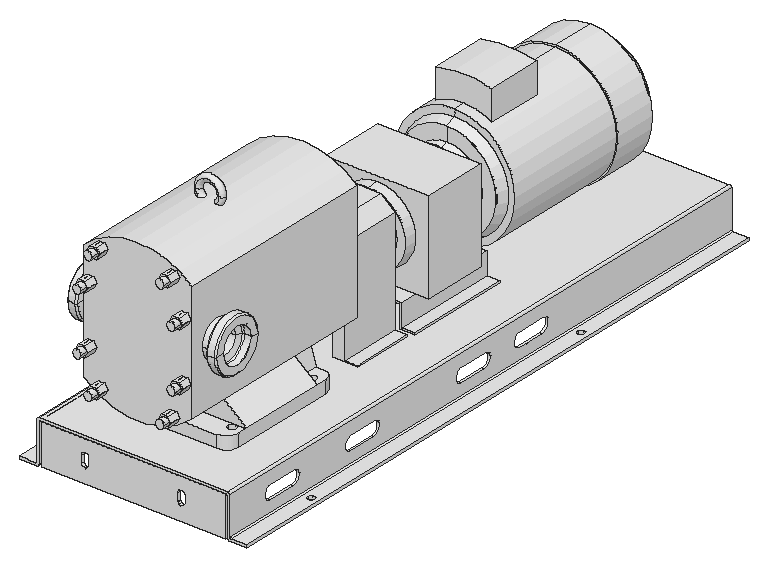
Revit family "MLP 80 - MR272 - Lobe Pump", category Specialty Equipment, Revit 2022
Family settings
  Round Connector Dimension = Use Diameter
  Part Type = Normal
  Work Plane-Based = No
  Always vertical = Yes
  Cut with Voids When Loaded = No
  Maintain Annotation Orientation = No
  Shared = No
  Room Calculation Point = No
Parameters (values of type "MLP 80 - MR272")
  URL = "https://en.ekinendustriyel.com/lobe-pumps/lobe-pumps"
  Pressure = 15.0 bar  # constant formula
  Motor Power = 15 kW  # constant formula
  Model = "MLP-80-TUL - MR272"
  Manufacturer = "Ekin Endüstriyel"
  Keynote = "Lobe Pump"
  Flow = 40.0 m³/h  # constant formula
  Description = "MIT MLP 80 - Lobe Pump"
  Default Elevation = 0 mm
Reference planes
  plane 1 "Center (Front/Back)": y = 0
  plane 2: z = 0
  plane 3 "Center (Left/Right)": x = -884.748
Forms (mm)
  Extrusion 1, solid, material "Ekin Endüstriyel_StainlesSteel"
    sketch origin (0, 0, 0) x (1, 0, 0) y (0, 0, 1)
      loop
        line (-996.247, 346.711) -> (-996.247, 101.086)
        arc (-996.247, 101.086) -> (-884.747, 58.329) -> (-773.247, 101.086) r 166.761
        line (-773.247, 101.086) -> (-773.247, 346.711)
        arc (-773.247, 346.711) -> (-884.747, 390.131) -> (-996.247, 346.711) r 164.871
    from 0 to -428.2
  Sweep 2, solid, material "Ekin Endüstriyel_StainlesSteel"
    path origin (0, 0, 0) x (1, 0, 0) y (0, 0, 1)
      loop
        circle (-884.748, 403.317) r 30.936
    profile origin (-884.748, 0, 372.381) x (0, 0, 1) y (0, -1, 0)
      loop
        circle (7, -188.264) r 7
  Extrusion 3, solid, material "Ekin Endüstriyel_StainlesSteel", detail levels coarse
    sketch origin (-884.748, 0, 0) x (0, 1, 0) y (0, 0, 1)
      loop
        circle (65.098, 223.898) r 55
    from 111.501 to 154.598
  Extrusion 4, solid, material "Ekin Endüstriyel_StainlesSteel", detail levels medium
    sketch origin (-884.748, 0, 0) x (0, 1, 0) y (0, 0, 1)
      loop
        circle (65.098, 223.898) r 55
      loop
        circle (65.098, 223.898) r 36
    from 111.501 to 154.598
  Revolve 5, solid, material "Ekin Endüstriyel_StainlesSteel", detail levels fine
    sketch origin (0, 0, 223.898) x (1, 0, 0) y (0, 1, 0)
      loop
        line (-730.15, 117.063) -> (-733.185, 120.098) -> (-747.257, 120.098) -> (-750.763, 117.156) -> (-752.708, 106.124)
        arc (-752.708, 106.124) -> (-753.905, 104.051) -> (-756.155, 103.232) r 3.5
        line (-756.155, 103.232) -> (-773.247, 103.232) -> (-773.247, 90.657) -> (-753.574, 90.657) -> (-750.765, 101.923) -> (-747.147, 104.012) -> (-733.289, 104.012) -> (-730.15, 101.814) -> (-730.15, 117.063)
      axis (-773.247, 65.098) -> (-730.15, 65.098)
    angle from 0 to 360
  Extrusion 6, solid, material "Ekin Endüstriyel_StainlesSteel"
    sketch origin (0, 0, 0) x (1, 0, 0) y (0, 1, 0)
      loop
        line (-976.497, 91.114) -> (-792.997, 91.114)
        arc (-792.997, 91.114) -> (-775.32, 98.437) -> (-767.997, 116.114) r 25
        line (-767.997, 116.114) -> (-767.997, 341.114)
        arc (-767.997, 341.114) -> (-775.32, 358.792) -> (-792.997, 366.114) r 25
        line (-792.997, 366.114) -> (-976.497, 366.114)
        arc (-976.497, 366.114) -> (-994.175, 358.792) -> (-1001.497, 341.114) r 25
        line (-1001.497, 341.114) -> (-1001.497, 116.114)
        arc (-1001.497, 116.114) -> (-994.175, 98.437) -> (-976.497, 91.114) r 25
    from 0 to 25.35
  Extrusion 7, solid, material "Ekin Endüstriyel_StainlesSteel"
    sketch origin (0, 0, 0) x (1, 0, 0) y (0, 0, 1)
      loop
        line (-1001.497, 25.35) -> (-767.997, 25.35) -> (-823.241, 70.086)
        arc (-823.241, 70.086) -> (-884.747, 58.329) -> (-946.253, 70.086) r 166.761
        line (-946.253, 70.086) -> (-1001.497, 25.35)
    from -319.675 to -135.888
  Extrusion 8, solid, material "Ekin Endüstriyel_StainlesSteel"
    sketch origin (0, 0, 0) x (1, 0, 0) y (0, 0, 1)
      loop
        line (-807.997, 25.35) -> (-820.094, 67.537) -> (-823.241, 70.086)
        arc (-823.241, 70.086) -> (-884.747, 58.329) -> (-946.253, 70.086) r 166.761
        line (-946.253, 70.086) -> (-949.4, 67.537) -> (-961.497, 25.35) -> (-807.997, 25.35)
    from -366.114 to -173.027
  Extrusion 9, void
    sketch origin (0, 0, 0) x (1, 0, 0) y (0, 1, 0)
      loop
        circle (-981.247, 124.701) r 9
      loop
        circle (-981.247, 332.528) r 9
      loop
        circle (-788.249, 124.701) r 9
      loop
        circle (-788.249, 332.528) r 9
    from 0 to 39.733
  Extrusion 10, solid, material "Ekin Endüstriyel_StainlesSteel", detail levels coarse
    sketch origin (-884.748, 0, 0) x (0, 1, 0) y (0, 0, -1)
      loop
        circle (65.098, -223.898) r 55
    from 111.501 to 154.598
  Extrusion 11, solid, material "Ekin Endüstriyel_StainlesSteel", detail levels medium
    sketch origin (-884.748, 0, 0) x (0, 1, 0) y (0, 0, -1)
      loop
        circle (65.098, -223.898) r 55
      loop
        circle (65.098, -223.898) r 36
    from 111.501 to 154.598
  Revolve 12, solid, material "Ekin Endüstriyel_StainlesSteel", detail levels fine
    sketch origin (-1769.496, 0, 223.898) x (-1, 0, 0) y (0, -1, 0)
      loop
        line (-730.15, -117.063) -> (-730.15, -101.814) -> (-733.289, -104.012) -> (-747.147, -104.012) -> (-750.765, -101.923) -> (-753.574, -90.657) -> (-773.247, -90.657) -> (-773.247, -103.232) -> (-756.155, -103.232)
        arc (-756.155, -103.232) -> (-753.905, -104.051) -> (-752.708, -106.124) r 3.5
        line (-752.708, -106.124) -> (-750.763, -117.156) -> (-747.257, -120.098) -> (-733.185, -120.098) -> (-730.15, -117.063)
      axis (-773.247, -65.098) -> (-730.15, -65.098)
    angle from 0 to 360
  Extrusion 13, solid, material "Ekin Endüstriyel_StainlesSteel", detail levels medium+fine
    sketch origin (0, 0, 0) x (1, 0, 0) y (0, 0, 1)
      loop
        line (-946.565, 354.5) -> (-952.906, 365.484) -> (-965.589, 365.484) -> (-971.931, 354.5) -> (-965.589, 343.517) -> (-952.906, 343.517) -> (-946.565, 354.5)
      loop
        line (-969.741, 283.984) -> (-976.083, 294.968) -> (-988.766, 294.968) -> (-995.107, 283.984) -> (-988.766, 273) -> (-976.083, 273) -> (-969.741, 283.984)
      loop
        circle (-959.257, 354.516) r 8.514
      loop
        circle (-982.434, 284) r 8.514
      loop
        line (-822.931, 354.5) -> (-816.59, 343.517) -> (-803.907, 343.517) -> (-797.565, 354.5) -> (-803.907, 365.484) -> (-816.59, 365.484) -> (-822.931, 354.5)
      loop
        line (-799.755, 283.984) -> (-793.413, 273) -> (-780.73, 273) -> (-774.389, 283.984) -> (-780.73, 294.968) -> (-793.413, 294.968) -> (-799.755, 283.984)
      loop
        circle (-810.238, 354.516) r 8.514
      loop
        circle (-787.062, 284) r 8.514
      loop
        line (-946.565, 93.296) -> (-952.906, 104.28) -> (-965.589, 104.28) -> (-971.931, 93.296) -> (-965.589, 82.313) -> (-952.906, 82.313) -> (-946.565, 93.296)
      loop
        line (-969.741, 163.813) -> (-976.083, 174.797) -> (-988.766, 174.797) -> (-995.107, 163.813) -> (-988.766, 152.829) -> (-976.083, 152.829) -> (-969.741, 163.813)
      loop
        circle (-959.257, 93.281) r 8.514
      loop
        circle (-982.434, 163.797) r 8.514
      loop
        line (-822.931, 93.296) -> (-816.59, 82.313) -> (-803.907, 82.313) -> (-797.565, 93.296) -> (-803.907, 104.28) -> (-816.59, 104.28) -> (-822.931, 93.296)
      loop
        line (-799.755, 163.813) -> (-793.413, 152.829) -> (-780.73, 152.829) -> (-774.389, 163.813) -> (-780.73, 174.797) -> (-793.413, 174.797) -> (-799.755, 163.813)
      loop
        circle (-810.238, 93.281) r 8.514
      loop
        circle (-787.062, 163.797) r 8.514
    from 0 to 21.863
  Extrusion 14, solid, material "Ekin Endüstriyel_StainlesSteel"
    sketch origin (0, 0, 0) x (1, 0, 0) y (0, 0, 1)
      loop
        circle (-959.257, 354.516) r 8.514
      loop
        circle (-982.434, 284) r 8.514
      loop
        circle (-810.238, 354.516) r 8.514
      loop
        circle (-787.062, 284) r 8.514
      loop
        circle (-959.257, 93.281) r 8.514
      loop
        circle (-982.434, 163.797) r 8.514
      loop
        circle (-810.238, 93.281) r 8.514
      loop
        circle (-787.062, 163.797) r 8.514
    from 0 to 34.94
  Extrusion 15, solid, material "Ekin Endüstriyel_StainlesSteel"
    sketch origin (0, 428.2, 0) x (-1, 0, 0) y (0, 0, 1)
      loop
        circle (884.93, 164.108) r 21
    from 0 to 75.746
  Extrusion 16, solid, material "Ekin Endüstriyel_StainlesSteel", detail levels medium+fine
    sketch origin (-884.754, 277.832, 0) x (-1, 0, 0) y (0, 0, 1)
      loop
        line (234.987, -85) -> (201.994, -85)
        arc (201.994, -85) -> (200.58, -84.414) -> (199.994, -83) r 2
        line (199.994, -83) -> (199.994, -5)
        arc (199.994, -5) -> (198.53, -1.464) -> (194.994, 0) r 5
        line (194.994, 0) -> (-195.006, 0)
        arc (-195.006, 0) -> (-198.541, -1.464) -> (-200.006, -5) r 5
        line (-200.006, -5) -> (-200.006, -83)
        arc (-200.006, -83) -> (-200.592, -84.414) -> (-202.006, -85) r 2
        line (-202.006, -85) -> (-235.013, -85) -> (-235.013, -90) -> (-200.006, -90)
        arc (-200.006, -90) -> (-196.47, -88.536) -> (-195.006, -85) r 5
        line (-195.006, -85) -> (-195.006, -7)
        arc (-195.006, -7) -> (-194.42, -5.586) -> (-193.006, -5) r 2
        line (-193.006, -5) -> (192.994, -5)
        arc (192.994, -5) -> (194.408, -5.586) -> (194.994, -7) r 2
        line (194.994, -7) -> (194.994, -85)
        arc (194.994, -85) -> (196.459, -88.536) -> (199.994, -90) r 5
        line (199.994, -90) -> (234.987, -90) -> (234.987, -85)
    from -288.318 to 1011.802
  Extrusion 17, void
    sketch origin (-684.748, 277.832, -5) x (0, 0, -1) y (0, 1, 0)
      loop
        line (25.062, -123.198) -> (25.062, -183.198)
        arc (25.062, -183.198) -> (40.062, -198.198) -> (55.062, -183.198) r 15
        line (55.062, -183.198) -> (55.062, -123.198)
        arc (55.062, -123.198) -> (40.062, -108.198) -> (25.062, -123.198) r 15
      loop
        arc (25, 24.802) -> (40, 9.802) -> (55, 24.802) r 15
        line (55, 24.802) -> (55, 84.802)
        arc (55, 84.802) -> (40, 99.802) -> (25, 84.802) r 15
        line (25, 84.802) -> (25, 24.802)
      loop
        line (24.91, 371.921) -> (24.91, 311.921)
        arc (24.91, 311.921) -> (39.91, 296.921) -> (54.91, 311.921) r 15
        line (54.91, 311.921) -> (54.91, 371.921)
        arc (54.91, 371.921) -> (39.91, 386.921) -> (24.91, 371.921) r 15
      loop
        arc (24.91, 461.921) -> (39.91, 446.921) -> (54.91, 461.921) r 15
        line (54.91, 461.921) -> (54.91, 521.921)
        arc (54.91, 521.921) -> (39.91, 536.921) -> (24.91, 521.921) r 15
        line (24.91, 521.921) -> (24.91, 461.921)
    from 0 to -400
  Extrusion 18, solid, material "Ekin Endüstriyel_StainlesSteel", detail levels medium+fine
    sketch origin (-884.754, 904.582, 0) x (1, 0, 0) y (0, 0, 1)
      loop
        line (-190.994, -90) -> (191.006, -90) -> (191.006, -5) -> (-190.994, -5) -> (-190.994, -90)
      loop
        arc (-92.494, -37.5) -> (-99.994, -30) -> (-107.494, -37.5) r 7.5
        line (-107.494, -37.5) -> (-107.494, -52.5)
        arc (-107.494, -52.5) -> (-99.994, -60) -> (-92.494, -52.5) r 7.5
        line (-92.494, -52.5) -> (-92.494, -37.5)
      loop
        arc (107.506, -37.5) -> (100.006, -30) -> (92.506, -37.5) r 7.5
        line (92.506, -37.5) -> (92.506, -52.5)
        arc (92.506, -52.5) -> (100.006, -60) -> (107.506, -52.5) r 7.5
        line (107.506, -52.5) -> (107.506, -37.5)
    from -379.942 to -385.052
  Extrusion 19, void
    sketch origin (-884.754, 277.832, 0) x (0, 1, 0) y (-1, 0, 0)
      loop
        circle (596.802, 219.994) r 7.5
      loop
        circle (-103.198, 219.994) r 7.5
      loop
        circle (-103.198, -220.006) r 7.5
      loop
        circle (596.802, -220.006) r 7.5
    from -90 to -57
  Extrusion 20, solid, material "Ekin Endüstriyel_StainlesSteel", detail levels coarse
    sketch origin (-884.754, 277.832, 0) x (0, 1, 0) y (-1, 0, 0)
      loop
        line (-288.318, -235.006) -> (1011.802, -235.006) -> (1011.802, 234.994) -> (-288.318, 234.994) -> (-288.318, -235.006)
    from 0 to -90
  Extrusion 21, solid, material "Ekin Endüstriyel_StainlesSteel", detail levels medium+fine
    sketch origin (-884.754, 404.082, 0) x (-1, 0, 0) y (0, 0, 1)
      loop
        line (-75.552, 220.119) -> (-75.552, 3) -> (-102, 3) -> (-102, 0) -> (-50.552, 0) -> (-50.552, 209.763) -> (-38.133, 222.182) -> (38.136, 222.182) -> (50.554, 209.763) -> (50.554, 0) -> (102, 0) -> (102, 3) -> (75.554, 3) -> (75.554, 220.119) -> (48.323, 247.349) -> (-48.321, 247.349) -> (-75.552, 220.119)
    from 38.553 to 167.216
  Extrusion 22, solid, material "Ekin Endüstriyel_StainlesSteel", detail levels coarse
    sketch origin (-884.754, 277.832, 0) x (-1, 0, 0) y (0, 0, 1)
      loop
        line (-102.006, 49) -> (-102.006, 0) -> (101.994, 0) -> (101.994, 49) -> (-102.006, 49)
    from 306.698 to 526.698
  Extrusion 23, solid, material "Ekin Endüstriyel_StainlesSteel", detail levels coarse
    sketch origin (-884.754, 404.082, 0) x (-1, 0, 0) y (0, 0, 1)
      loop
        line (-75.552, 220.119) -> (-75.552, 0) -> (75.554, 0) -> (75.554, 220.119) -> (48.323, 247.349) -> (-48.321, 247.349) -> (-75.552, 220.119)
    from 38.553 to 167.216
  Extrusion 24, solid, material "Ekin Endüstriyel_StainlesSteel", detail levels medium+fine
    sketch origin (-884.754, 277.832, 0) x (-1, 0, 0) y (0, 0, 1)
      loop
        line (-107, 3) -> (-107, 0) -> (-77, 0) -> (-77, 46) -> (76.994, 46) -> (76.994, 0) -> (106.994, 0) -> (106.994, 3) -> (79.994, 3) -> (79.994, 49) -> (-80, 49) -> (-80, 3) -> (-107, 3)
    from 306.698 to 526.698
  Extrusion 25, solid, material "Ekin Endüstriyel_StainlesSteel", detail levels coarse
    sketch origin (-884.754, 277.832, 10) x (-1, 0, 0) y (0, 0, 1)
      loop
        circle (-0.006, 142.78) r 128.5
    from 479.295 to 932.839
  Extrusion 26, solid, material "Ekin Endüstriyel_StainlesSteel", detail levels medium+fine
    sketch origin (-884.754, 277.832, 0) x (-1, 0, 0) y (0, 0, 1)
      loop
        line (-107, 49) -> (106.994, 49) -> (106.994, 241.291) -> (-107, 241.291) -> (-107, 49)
    from 343.834 to 479.295
  Revolve 27, solid, material "Ekin Endüstriyel_StainlesSteel", detail levels medium+fine
    sketch origin (-884.366, 277.832, 83) x (0, 0, -1) y (0, 1, 0)
      loop
        line (-69.754, 932.839) -> (-160.8, 932.839) -> (-197.944, 895.695) -> (-197.944, 806.332) -> (-194.23, 806.332) -> (-194.23, 545.179) -> (-179.858, 545.179) -> (-172.024, 524.479) -> (-141.745, 524.479) -> (-126.884, 494.479) -> (-149.659, 494.479) -> (-149.659, 479.295) -> (-69.754, 479.295) -> (-69.754, 932.839)
      loop
        line (-146.863, 320.369) -> (-128.234, 320.369) -> (-128.234, 308.466) -> (-98.579, 308.466) -> (-98.579, 293.466) -> (-69.754, 293.466) -> (-69.754, 343.834) -> (-147.971, 343.834) -> (-146.863, 320.369)
      axis (-69.754, 293.466) -> (-69.754, 932.839)
    angle from 0 to 360
  Extrusion 28, solid, material "Ekin Endüstriyel_StainlesSteel", detail levels medium+fine
    sketch origin (-884.366, 1210.671, 209.651) x (-1, 0, 0) y (0, 0, 1)
      loop
        line (-58.118, 40.981) -> (58.728, 40.981) -> (58.728, 115.45)
        arc (58.728, 115.45) -> (0.298, 121.922) -> (-58.118, 115.32) r 264.363
        line (-58.118, 115.32) -> (-58.118, 40.981)
    from -364.529 to -248.65
  Extrusion 29, solid, material "Ekin Endüstriyel_StainlesSteel", detail levels coarse
    sketch origin (-814.754, 277.832, 49) x (-1, 0, 0) y (0, -1, 0)
      loop
        line (176.994, -479.295) -> (176.994, -293.466) -> (-37, -293.466) -> (-37, -479.295) -> (176.994, -479.295)
    from 0.05 to 192.291
  Extrusion 30, solid, material "Ekin Endüstriyel_StainlesSteel", detail levels medium+fine
    sketch origin (-884.754, 59.582, 0) x (1, 0, 0) y (0, 0, 1)
      loop
        line (-190.994, -90) -> (191.006, -90) -> (191.006, -5) -> (-190.994, -5) -> (-190.994, -90)
      loop
        arc (-92.494, -37.5) -> (-99.994, -30) -> (-107.494, -37.5) r 7.5
        line (-107.494, -37.5) -> (-107.494, -52.5)
        arc (-107.494, -52.5) -> (-99.994, -60) -> (-92.494, -52.5) r 7.5
        line (-92.494, -52.5) -> (-92.494, -37.5)
      loop
        arc (107.506, -37.5) -> (100.006, -30) -> (92.506, -37.5) r 7.5
        line (92.506, -37.5) -> (92.506, -52.5)
        arc (92.506, -52.5) -> (100.006, -60) -> (107.506, -52.5) r 7.5
        line (107.506, -52.5) -> (107.506, -37.5)
    from 70.068 to 65.066
Cuts and joins
  joined: Extrusion 1, Sweep 2
  joined: Extrusion 7, Extrusion 8
  Extrusion 9 cuts Extrusion 6
  Extrusion 17, Extrusion 19 cuts Extrusion 16
  joined: Revolve 27, Extrusion 28
Dimensions and locks
  aligned and locked: level to plane 2
Connectors
  piping at (-730.15, 65.098, 223.898), diameter 101.6
    settings: on Extrusion 3, index 1, connector inside diameter 609.6 mm, connector length 0 mm, flow factor 0, pipe flow 0.0 m³/h, pressure drop 0.0 bar, fitting loss kfactor 0, connector angle 0.00°, fixture units 0, engagement length 0 mm, angle of deflection 0.00°, flow configuration 0, flow direction 0, fitting loss method 0, system type 7, joint type 0, gender type 0, connector reference index -1, connector utility 0, adjustable connector no, is connector primary yes, connector description ""
  piping at (-1039.346, 65.098, 223.898), diameter 101.6
    settings: on Extrusion 10, index 2, connector inside diameter 609.6 mm, connector length 0 mm, flow factor 0, pipe flow 0.0 m³/h, pressure drop 0.0 bar, fitting loss kfactor 0, connector angle 0.00°, fixture units 0, engagement length 0 mm, angle of deflection 0.00°, flow configuration 0, flow direction 0, fitting loss method 0, system type 7, joint type 0, gender type 0, connector reference index -1, connector utility 0, adjustable connector no, is connector primary no, connector description ""
